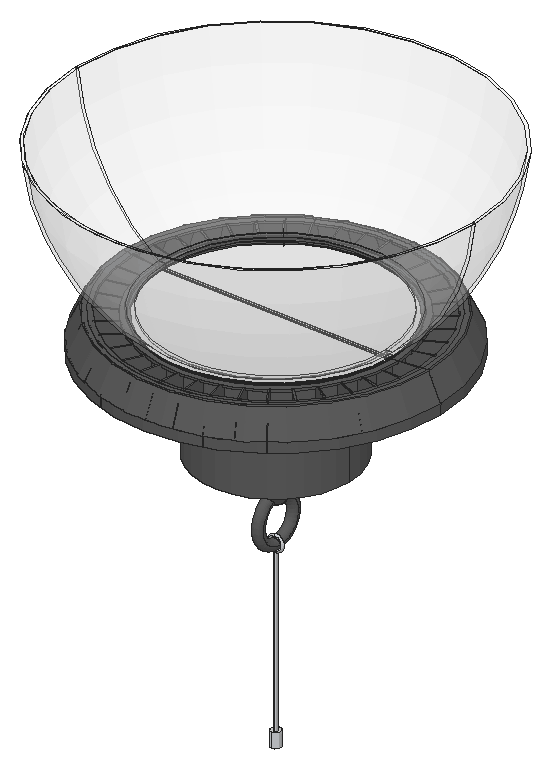
Revit family "0039364+0039361 Sylvania Lighting Fixture START HighBay IP65 DALI 26000lm 840 MB with PC LAMPSHADE TRANSPARENT FOR 26KLM pendant", category Lighting Fixtures, host Face, Revit 2017
Family settings
  Host = Face
  Round Connector Dimension = Use Diameter
  Part Type = Normal
  OmniClass Number = 23.80.70.00
  OmniClass Title = Lighting
  Cut with Voids When Loaded = No
  Light Source = Yes
  Shared = No
  Room Calculation Point = No
Parameters (values of type "0039364+0039361 START HighBay IP65 DALI 26000lm 840 MB with PC LAMPSHADE TRANSPARENT FOR 26KLM")
  WidthStraight_FEILO = if(SizeS_FEILO, 3 mm, if(SizeM_FEILO, 4 mm, 4.7 mm))  # 4.7 mm
  WidthRingChamfer_FEILO = if(SizeS_FEILO, 10.3 mm, if(SizeM_FEILO, 11.2 mm, 12.9 mm))  # 12.9 mm
  WidthCurved_FEILO = if(SizeS_FEILO, 17.4 mm, if(SizeM_FEILO, 16.4 mm, 26.2 mm))  # 26.2 mm
  WidthCurvedRing_FEILO = if(SizeS_FEILO, 3 mm, if(SizeM_FEILO, 4 mm, 4.7 mm))  # 4.7 mm
  WidthBracket_FEILO = 40 mm
  Weight = "3.7 kg"
  Wattage Comments = ""
  Wattage = 190 W
  WarrantyStartDate [instance] = "n/a"
  WarrantyGuarantorParts = "n/a"
  WarrantyDurationUnit = "n/a"
  WarrantyDurationParts = "n/a"
  WarrantyDescription = "n/a"
  built-in parameter 1150110 = 1 (stored number, unit not read)
  Voltage = 0 V
  VisibilityBracket_FEILO = no
  URL = "http://www.sylvania-lighting.com"
  TypeName = "START HighBay IP65 DALI 26000lm 840 MB with PC LAMPSHADE TRANSPARENT FOR 26KLM"
  Type Image = <None>
  Type Comments = "n/a"
  built-in parameter 1114217 = 1 (stored number, unit not read)
  Tilt Angle = -90.00°
  ThicknessWall_FEILO = 1.5 mm
  ThicknessBracket_FEILO = 1.5 mm
  ThicknessBracketHalf_FEILO = ThicknessBracket_FEILO / 2  # 0.75 mm
  built-in parameter 1150109 = 1 (stored number, unit not read)
  built-in parameter 1150134 = 12
  SuspensionHeight_FEILO [instance] = 400 mm
  built-in parameter 1150113 = 1 (stored number, unit not read)
  SizeS_FEILO = no
  SizeM_FEILO = no
  ShadeThickness_FEILO = 3 mm
  ShadeSizeSM_FEILO = or(SizeS_FEILO, SizeM_FEILO)  # no
  ShadeRadiusOut_FEILO = 205 mm
  ShadeRadiusIn_FEILO = if(ShadeSizeSM_FEILO, 95 mm, 121 mm)  # 121 mm
  ShadeRadiusBend_FEILO = if(ShadeSizeSM_FEILO, 210 mm, 210 mm)  # 210 mm
  ShadeHeight_FEILO = if(ShadeSizeSM_FEILO, 120 mm, 151 mm)  # 151 mm
  SerialNumber [instance] = "n/a"
  Rib4_FEILO = if(SizeS_FEILO, 18.1 mm, if(SizeM_FEILO, 13.6 mm, 14.6 mm))  # 14.6 mm
  Rib3_FEILO = if(SizeS_FEILO, 15.3 mm, if(SizeM_FEILO, 17.6 mm, 20.2 mm))  # 20.2 mm
  Rib2_FEILO = if(SizeS_FEILO, 3.6 mm, if(SizeM_FEILO, 3.9 mm, 4.5 mm))  # 4.5 mm
  Rib1_FEILO = if(SizeS_FEILO, 15.1 mm, if(SizeM_FEILO, 16.5 mm, 19 mm))  # 19 mm
  RadiusDiffuser_FEILO = if(SizeS_FEILO, 95.2 mm, if(SizeM_FEILO, 105.3 mm, 120 mm))  # 120 mm
  RadiusArrayPost_FEILO = DriverRadius_FEILO - 6 mm  # 70.4 mm
  RHRadius3_FEILO = if(SizeS_FEILO, 6.6 mm, if(SizeM_FEILO, 7.4 mm, 8.6 mm))  # 8.6 mm
  RHRadius2_FEILO = if(SizeS_FEILO, 11 mm, if(SizeM_FEILO, 12 mm, 14 mm))  # 14 mm
  RHRadius1_FEILO = if(SizeS_FEILO, 13.6 mm, if(SizeM_FEILO, 14.9 mm, 17.7 mm))  # 17.7 mm
  RHHeight4_FEILO = if(SizeS_FEILO, 7.3 mm, if(SizeM_FEILO, 8 mm, 9.2 mm))  # 9.2 mm
  RHHeight3_FEILO = if(SizeS_FEILO, 3.6 mm, if(SizeM_FEILO, 3.7 mm, 4.6 mm))  # 4.6 mm
  RHHeight2_FEILO = if(SizeS_FEILO, 2 mm, if(SizeM_FEILO, 2.2 mm, 2.6 mm))  # 2.6 mm
  RHHeight1_FEILO = if(SizeS_FEILO, 11.8 mm, if(SizeM_FEILO, 15.3 mm, 17.4 mm))  # 17.4 mm
  Photometric Web File = "0039364+0039361.ies"
  Material_5_FEILO = Shade-Sylvania-StartHighbay-PC
  Material_3_FEILO = LED-Sylvania-StartHighbay-Glow
  PowerFactor = 0.95
  PowerConsumption = "190 W"
  NominalLength = 339 mm
  NominalHeight = 189 mm
  NominalDepth = 339 mm
  Name = "START HighBay IP65 DALI 26000lm 840 MB with PC LAMPSHADE TRANSPARENT FOR 26KLM"
  ModelReference = Name  # "START HighBay IP65 DALI 26000lm 840 MB with PC LAMPSHADE TRANSPARENT FOR 26KLM"
  ModelNumber = "0039364+0039361"
  Model = Name  # "START HighBay IP65 DALI 26000lm 840 MB with PC LAMPSHADE TRANSPARENT FOR 26KLM"
  Material = "aluminium alloy housing, polycarbonate diffuser"
  ManufacturerName = "Feilo Sylvania"
  Manufacturer = "Feilo Sylvania"
  LuminousEfficacy = "130 lm/W"
  built-in parameter 1150105 = 33385.3 (stored number, unit not read)
  Lumens = 24700 lm
  LuminaireType = ""
  built-in parameter 1150115 = 1 (stored number, unit not read)
  LightOutputRatio = "n/a"
  built-in parameter 1150137 = (empty or 0)
  built-in parameter 1150139 = (empty or 0)
  LampsType = Lamp  # "LED"
  LampNominalLuminous = "24700 lm"
  LampMacAdamStep = "6"
  LampColourTemperature = "4000 K"
  LampColourRenderingIndex = "80"
  built-in parameter 1150112 = 1 (stored number, unit not read)
  built-in parameter 1150114 = 1 (stored number, unit not read)
  Lamp = "LED"
  Keynote = "16500"
  InstallationDate [instance] = "n/a"
  InputVoltage = "n/a"
  InputNominalFrequency = "50/60 Hz"
  built-in parameter 1150132 = (empty or 0)
  built-in parameter 1150102 = (empty or 0)
  built-in parameter 1150107 = 4000 (stored number, unit not read)
  built-in parameter 1150138 = (empty or 0)
  IngressProtection = "IP65"
  ImpactProtectionIndex = "IK08"
  built-in parameter 1150106 = 333.85 (stored number, unit not read)
  IfcExportType = "IfcLightFixtureType"
  IfcExportAs = "IfcLightFixtureType"
  HeightRing_FEILO = if(SizeS_FEILO, 19.8 mm, if(SizeM_FEILO, 32 mm, 36.8 mm))  # 36.8 mm
  HeightRingChamfer_FEILO = if(SizeS_FEILO, 11.7 mm, if(SizeM_FEILO, 23.2 mm, 26.6 mm))  # 26.6 mm
  EyeThickness_FEILO = if(SizeS_FEILO, 8.4 mm, if(SizeM_FEILO, 9.2 mm, 10.5 mm))  # 10.5 mm
  EyeThicknessHalf_FEILO = EyeThickness_FEILO / 2  # 5.25 mm
  EyeInner_FEILO = if(SizeS_FEILO, 13.8 mm, if(SizeM_FEILO, 15.1 mm, 17.3 mm))  # 17.3 mm
  ExpectedLife = 50000
  Emit from Circle Diameter = RadiusDiffuser_FEILO * 2  # 240 mm
  Emit Shape Visible in Rendering = no
  ElectricShockClassification = "Class I"
  built-in parameter 1150104 = 12.077 (stored number, unit not read)
  DurationUnit = "hours"
  DriverVerticalStraight_FEILO = if(SizeS_FEILO, 46.5 mm, if(SizeM_FEILO, 49.7 mm, 57 mm))  # 57 mm
  DriverVerticalChamfer_FEILO = if(SizeS_FEILO, 7.5 mm, if(SizeM_FEILO, 8.2 mm, 9.5 mm))  # 9.5 mm
  DriverRadius_FEILO = if(SizeS_FEILO, 61.4 mm, if(SizeM_FEILO, 67.2 mm, 76.4 mm))  # 76.4 mm
  DriverRadiusTop_FEILO = if(SizeS_FEILO, 42 mm, if(SizeM_FEILO, 45.3 mm, 52.4 mm))  # 52.4 mm
  DriverBottom_FEILO = if(SizeS_FEILO, 56 mm, if(SizeM_FEILO, 64.5 mm, 74 mm))  # 74 mm
  DocumentationLiterature = "http://www.sylvania-lighting.com/product/en-int/products/0039364"
  DimmingControlOptions = "Dimmable"
  Material_2_FEILO = Diffuser-Sylvania-StartHighbay-Transparent
  Radius_FEILO = if(SizeS_FEILO, 135 mm, if(SizeM_FEILO, 148 mm, 169.5 mm))  # 169.5 mm
  Dimming Lamp Color Temperature Shift = <None>
  DiameterWire_FEILO = 3 mm
  DiameterWireSupport_FEILO = 10 mm
  Description = "START Highbay, includes 1 m cables, black aluminium housing, 24,700 Lm, 190 W, 130 Lm/W, 4000 K, drive current: 4100 mA, CRI 80, 60° beam angle, DALI dimmable, IP65, IK08, 50,000 hrs (L80/B50), (D x H) 339 x 189 mm."
  Default Elevation = 1219.2 mm
  CreatedOn = "5/15/2018"
  CreatedBy = ""
  Cost = 0
  Color Filter = 16777215
  built-in parameter 1114216 [instance] = (empty or 0)
  ClassificationValue = "EF_70_80"
  ClassificationName = "Uniclass2015"
  Material_1_FEILO = Body-Sylvania-StartHighbay-Black
  BarCode [instance] = "n/a"
  built-in parameter 1114218 = 1 (stored number, unit not read)
  built-in parameter 1150133 = 10 (stored number, unit not read)
  AssetType = "Fixed"
  AssetIdentifier [instance] = "n/a"
  Assembly Code = "D5020200"
  Apparent Load = 190 VA
  Material_4_FEILO = Shade-Sylvania-StartHighbay-PC
Reference planes
  plane 1 "Center (Front/Back)": y = 0
  plane 2: z = 0
  plane 3 "Center (Left/Right)": x = 0
  plane 4: z = 400
  plane 5: x = -169.5
  plane 6: x = -156.6
  plane 7: z = 373.4
  plane 8: z = 363.2
  plane 9: x = -151.9
  plane 10: z = 397.375
  plane 11: x = -125.7
  plane 12: x = -120
  plane 13: x = -147.2
  plane 14: z = 398.375
  plane 15: z = 396.375
  plane 16: x = -117
  plane 17: z = 395.375
  plane 18: x = -168
  plane 19: x = -150.5
  plane 20: z = 358.7
  plane 21: x = -130.3
  plane 22: z = 344.1
  plane 23: x = -20
  plane 24: z = 326
  plane 25: x = -76.4
  plane 26: z = 269
  plane 27: x = -52.4
  plane 28: z = 259.5
  plane 29: x = -17.7
  plane 30: z = 242.1
  plane 31: z = 239.5
  plane 32: x = -14
  plane 33: z = 234.9
  plane 34: z = 225.7
  plane 35: x = -8.6
  plane 36: z = 208.4
  plane 37: z = 191.1
  plane 38: x = 5.25
  plane 39: x = -5.25
  plane 40: z = 180.6
  plane 41: z = 185.85
  plane 42: x = -162.3
  plane 43: x = -167
  plane 44: z = 361.7
  plane 45: x = -155.1
  plane 46: z = 297.5
  plane 47: y = -20
  plane 48: y = 20
  plane 49: x = 169.5
  plane 50: x = 156.6
  plane 51: x = 168
  plane 52: x = 162.3
  plane 53: x = 167
  plane 54: x = 155.1
  plane 55: z = 194.1
  plane 56: y = 1.5
  plane 57: y = -1.5
  plane 58: z = 192.6
  plane 59: z = 179.1
  plane 60: z = 177.6
  plane 61: y = -5
  plane 62: y = 5
  plane 63: z = 14
  plane 64: x = -205
  plane 65: z = 551
  plane 66: x = -121
  plane 67: x = -113
  plane 68: x = -202
  plane 69: z = 403
Forms (mm)
  Revolve 1, solid, material "Body-Sylvania-StartHighbay-Black" <- "Material_1_FEILO", detail levels medium+fine
    sketch origin (0, 0, 0) x (1, 0, 0) y (0, 0, 1)
      loop
        line (-169.5, 363.2) -> (-168, 363.2) -> (-168, 373.055) -> (-156.206, 397.375) -> (-147.2, 397.375) -> (-147.2, 399.137)
        arc (-147.2, 399.137) -> (-149.554, 399.547) -> (-151.9, 400) r 132.063
        line (-151.9, 400) -> (-156.141, 400)
        arc (-156.141, 400) -> (-156.63, 399.826) -> (-156.899, 399.383) r 0.774
        line (-156.899, 399.383) -> (-169.5, 373.4) -> (-169.5, 363.2)
      axis (0, 400) -> (0, 363.2)
    angle from 360 to 0
  Revolve 2, solid, material "Body-Sylvania-StartHighbay-Black" <- "Material_1_FEILO", detail levels medium+fine
    sketch origin (0, 0, 0) x (1, 0, 0) y (0, 0, 1)
      loop
        line (-125.7, 395.375) -> (-120, 395.375) -> (-120, 373.4) -> (0, 373.4) -> (0, 395.375) -> (-117, 395.375) -> (-117, 396.375) -> (-120, 396.375) -> (-120, 397.375) -> (-125.7, 397.375) -> (-125.7, 395.375)
      axis (0, 397.375) -> (0, 373.4)
    angle from 360 to 0
  Revolve 3, solid, material "Diffuser-Sylvania-StartHighbay-Transparent" <- "Material_2_FEILO", detail levels medium+fine
    sketch origin (0, 0, 0) x (1, 0, 0) y (0, 0, 1)
      loop
        line (-120, 396.375) -> (0, 396.375) -> (0, 398.375) -> (-120, 398.375) -> (-120, 396.375)
      axis (0, 398.375) -> (0, 396.375)
    angle from 360 to 0
  Revolve 4, solid, material "Body-Sylvania-StartHighbay-Black" <- "Material_1_FEILO"
    sketch origin (0, 0, 0) x (1, 0, 0) y (0, 0, 1)
      loop
        line (-76.4, 344.1) -> (-76.4, 269) -> (-52.4, 259.5) -> (-17.7, 259.5) -> (-17.7, 242.1) -> (-14, 239.5) -> (-14, 234.9) -> (-9.037, 226.426)
        arc (-9.037, 226.426) -> (-8.49, 225.894) -> (-7.753, 225.7) r 1.5
        line (-7.753, 225.7) -> (0, 225.7) -> (0, 344.1) -> (-76.4, 344.1)
      axis (0, 344.1) -> (0, 225.7)
    angle from 360 to 0
  Revolve 5, solid, material "Body-Sylvania-StartHighbay-Black" <- "Material_1_FEILO"
    sketch origin (0, 0, 0) x (1, 0, 0) y (0, 0, 1)
      loop
        circle (0, 185.85) r 5.25
      axis (5.25, 208.4) -> (-5.25, 208.4)
    angle from 360 to 0
  Extrusion 6, solid, material "Body-Sylvania-StartHighbay-Black" <- "Material_1_FEILO", visible <- "VisibilityBracket_FEILO"
    sketch origin (0, 0, 0) x (1, 0, 0) y (0, 0, 1)
      loop
        line (-167, 363.2) -> (-167, 361.7) -> (-157.35, 361.7)
        arc (-157.35, 361.7) -> (-156.82, 361.48) -> (-156.6, 360.95) r 0.75
        line (-156.6, 360.95) -> (-156.6, 297.5) -> (-155.1, 297.5) -> (-155.1, 361.7)
        arc (-155.1, 361.7) -> (-155.539, 362.761) -> (-156.6, 363.2) r 1.5
        line (-156.6, 363.2) -> (-167, 363.2)
      loop
        line (167, 363.2) -> (156.6, 363.2)
        arc (156.6, 363.2) -> (155.539, 362.761) -> (155.1, 361.7) r 1.5
        line (155.1, 361.7) -> (155.1, 297.5) -> (156.6, 297.5) -> (156.6, 360.95)
        arc (156.6, 360.95) -> (156.82, 361.48) -> (157.35, 361.7) r 0.75
        line (157.35, 361.7) -> (167, 361.7) -> (167, 363.2)
    from -20 to 20
  Extrusion 7, void
    sketch origin (0, 0, 0) x (0, 1, 0) y (0, 0, 1)
      loop
        arc (-10, 297.5) -> (-17.071, 300.429) -> (-20, 307.5) r 10
        line (-20, 307.5) -> (-25, 307.5) -> (-25, 292.5) -> (-10, 292.5) -> (-10, 297.5)
      loop
        line (10, 297.5) -> (10, 292.5) -> (25, 292.5) -> (25, 307.5) -> (20, 307.5)
        arc (20, 307.5) -> (17.071, 300.429) -> (10, 297.5) r 10
    from -156.6 to 156.6
  Revolve 8, solid, material "Body-Sylvania-StartHighbay-Black" <- "Material_1_FEILO", detail levels coarse
    sketch origin (0, 0, 0) x (1, 0, 0) y (0, 0, 1)
      loop
        line (0, 400) -> (-156.6, 400) -> (-169.5, 373.4) -> (-169.5, 363.2) -> (-150.5, 363.2) -> (-150.5, 358.7) -> (-130.3, 344.1) -> (0, 344.1) -> (0, 400)
      axis (0, 400) -> (0, 344.1)
    angle from 360 to 0
  Revolve 9, solid
    sketch origin (0, 0, 0) x (0, 1, 0) y (0, 0, 1)
      loop
        circle (0, 192.6) r 1.5
      axis (1.5, 185.85) -> (-1.5, 185.85)
    angle from 360 to 0
  Revolve 10, solid
    sketch origin (0, 0, 0) x (0, 1, 0) y (0, 0, 1)
      loop
        line (0, 0) -> (0, 179.1) -> (-1.5, 179.1) -> (-1.5, 14) -> (-5, 14) -> (-5, 0) -> (0, 0)
      axis (0, 0) -> (0, 179.1)
    angle from 360 to 0
  Revolve 11, solid, material "Shade-Sylvania-StartHighbay-PC" <- "Material_4_FEILO"
    sketch origin (0, 0, 0) x (1, 0, 0) y (0, 0, 1)
      loop
        line (-121, 400) -> (-113, 400) -> (-113, 403) -> (-120.341, 403)
        arc (-120.341, 403) -> (-177.055, 468.269) -> (-202.193, 551) r 207.203
        line (-202.193, 551) -> (-205, 551)
        arc (-205, 551) -> (-179.25, 466.46) -> (-121, 400) r 210
      axis (0, 551) -> (0, 400)
    angle from 360 to 0
Cuts and joins
  Extrusion 7 cuts Extrusion 6
Lines and regions (mm)
  reference lines
    curve 1: line (-169.5, 0, 373.4) -> (-156.6, 0, 400)
    curve 2: line (-125.7, 0, 397.375) -> (0, 0, 397.375)
    curve 3: arc (-125.7, 0, 397.375) -> (-138.866, 0, 398.033) -> (-151.9, 0, 400) r 132.063
    curve 4: line (-156.6, 0, 400) -> (-151.9, 0, 400)
    curve 5: line (-156.206, 0, 397.375) -> (-168, 0, 373.055)
    curve 6: line (-150.5, 0, 358.7) -> (-130.3, 0, 344.1)
    curve 7: line (-14, 0, 234.9) -> (-8.6, 0, 225.7)
    curve 8: circle (0, 0, 185.85) r 5.25 normal (0, -1, 0)
    curve 9: arc (-121, 0, 400) -> (-179.25, 0, 466.46) -> (-205, 0, 551) r 210
Dimensions and locks
  "Radius_FEILO": plane 3 "Center (Left/Right)" to plane 5
  "WidthRingChamfer_FEILO": plane 6 to plane 5
  "WidthStraight_FEILO": plane 9 to plane 6
  "WidthCurvedRing_FEILO": plane 13 to plane 9
  locked: plane 10 to plane 15 at 1
  locked: plane 14 to plane 10 at 1
  locked: plane 4 to plane 10 at 2.625
  locked: plane 15 to plane 17 at 1
  "ThicknessWall_FEILO": plane 18 to plane 5
  "ThicknessWall_FEILO": curve 5 to curve 1
  "HeightRingChamfer_FEILO": plane 4 to plane 7
  "HeightRing_FEILO": plane 4 to plane 8
  "RadiusDiffuser_FEILO": plane 3 "Center (Left/Right)" to plane 12
  locked: plane 16 to plane 12 at 3
  "WidthCurved_FEILO": plane 11 to plane 9
  "SuspensionHeight_FEILO": plane 4 to plane 2
  "Rib1_FEILO": plane 19 to plane 5
  "Rib2_FEILO": plane 8 to plane 20
  "Rib3_FEILO": plane 21 to plane 19
  "Rib4_FEILO": plane 20 to plane 22
  locked: plane 3 "Center (Left/Right)" to plane 23 at 20
  "DriverBottom_FEILO": plane 4 to plane 24
  "DriverRadius_FEILO": plane 3 "Center (Left/Right)" to plane 25
  "DriverVerticalStraight_FEILO": plane 24 to plane 26
  "DriverRadiusTop_FEILO": plane 3 "Center (Left/Right)" to plane 27
  "DriverVerticalChamfer_FEILO": plane 26 to plane 28
  "RHRadius1_FEILO": plane 3 "Center (Left/Right)" to plane 29
  "RHHeight2_FEILO": plane 30 to plane 31
  "RHRadius2_FEILO": plane 3 "Center (Left/Right)" to plane 32
  "RHHeight3_FEILO": plane 31 to plane 33
  "RHHeight4_FEILO": plane 33 to plane 34
  "RHRadius3_FEILO": plane 3 "Center (Left/Right)" to plane 35
  "RHHeight1_FEILO": plane 28 to plane 30
  "EyeInner_FEILO": plane 34 to plane 36
  "EyeInner_FEILO": plane 36 to plane 37
  equal spacing: plane 38, plane 3 "Center (Left/Right)", plane 39
  "EyeThickness_FEILO": plane 38 to plane 39
  "EyeThickness_FEILO": plane 37 to plane 40
  equal spacing: plane 37, plane 41, plane 40
  equal spacing: plane 6, plane 42, plane 18
  "ThicknessBracket_FEILO": plane 45 to plane 6
  "ThicknessBracket_FEILO": plane 8 to plane 44
  locked: plane 43 to plane 18 at 1
  equal spacing: plane 24, plane 46, plane 26
  equal spacing: plane 47, plane 1 "Center (Front/Back)", plane 48
  "WidthBracket_FEILO": plane 47 to plane 48
  "WidthRingChamfer_FEILO": plane 50 to plane 49
  "ThicknessWall_FEILO": plane 51 to plane 49
  equal spacing: plane 50, plane 52, plane 51
  "ThicknessBracket_FEILO": plane 54 to plane 50
  locked: plane 53 to plane 51 at 1
  "Radius_FEILO": plane 49 to plane 3 "Center (Left/Right)"
  equal spacing: plane 57, imposter light, plane 56
  "DiameterWire_FEILO": plane 57 to plane 56
  "DiameterWire_FEILO": plane 37 to plane 55
  equal spacing: plane 37, plane 58, plane 55
  "DiameterWire_FEILO": plane 60 to plane 40
  equal spacing: plane 60, plane 59, plane 40
  equal spacing: plane 61, plane 1 "Center (Front/Back)", plane 62
  "DiameterWireSupport_FEILO": plane 61 to plane 62
  locked: plane 63 to plane 2 at 14
  "ShadeRadiusOut_FEILO": plane 3 "Center (Left/Right)" to plane 64
  "ShadeHeight_FEILO": plane 65 to plane 4
  "ShadeRadiusIn_FEILO": plane 3 "Center (Left/Right)" to plane 66
  locked: plane 67 to plane 66 at 8
  "ShadeThickness_FEILO": plane 69 to plane 4
  "ShadeThickness_FEILO": plane 68 to plane 64
  "EyeThicknessHalf_FEILO": radius of curve 8
  "ThicknessBracket_FEILO": radius of Extrusion 6 sketch curve  (x2)
  "ThicknessBracketHalf_FEILO": radius of Extrusion 6 sketch curve  (x2)
  "DiameterWire_FEILO": diameter of Revolve 9 sketch curve
  "ShadeRadiusBend_FEILO": radius of curve 9
  aligned and locked: plane 2 to host face
  aligned and locked: level to host face
  aligned and locked: plane 5 to curve 1
  aligned and locked: plane 6 to curve 1
  aligned and locked: plane 7 to curve 1
  aligned and locked: plane 10 to curve 2
  aligned and locked: plane 9 to curve 3
  aligned and locked: plane 4 to curve 3
  aligned and locked: plane 11 to curve 3
  aligned and locked: plane 4 to curve 4
  aligned and locked: plane 18 to curve 5
  aligned and locked: plane 10 to curve 5
  aligned and locked: Revolve 1 sketch curve to plane 3 "Center (Left/Right)"
  aligned and locked: Revolve 1 sketch curve to curve 3
  aligned and locked: Revolve 1 sketch curve to curve 1
  aligned and locked: plane 4 to Revolve 1 sketch curve
  aligned and locked: plane 9 to Revolve 1 sketch curve
  aligned and locked: Revolve 1 sketch curve to plane 13
  aligned and locked: Revolve 1 sketch curve to plane 10
  aligned and locked: plane 13 to Revolve 1 sketch curve
  aligned and locked: plane 10 to Revolve 1 sketch curve
  aligned and locked: Revolve 1 sketch curve to plane 18
  aligned and locked: Revolve 1 sketch curve to plane 8
  aligned and locked: plane 5 to Revolve 1 sketch curve  (x2)
  aligned and locked: Revolve 2 sketch curve to plane 3 "Center (Left/Right)"
  aligned and locked: plane 11 to Revolve 2 sketch curve
  aligned and locked: Revolve 2 sketch curve to curve 2
  aligned and locked: plane 15 to Revolve 2 sketch curve
  aligned and locked: Revolve 2 sketch curve to plane 16
  aligned and locked: plane 17 to Revolve 2 sketch curve  (x2)
  aligned and locked: Revolve 2 sketch curve to plane 12
  aligned and locked: plane 7 to Revolve 2 sketch curve
  aligned and locked: Revolve 3 sketch curve to plane 3 "Center (Left/Right)"
  aligned and locked: Revolve 3 sketch curve to plane 14
  aligned and locked: plane 3 "Center (Left/Right)" to Revolve 3 sketch curve
  aligned and locked: Revolve 3 sketch curve to plane 12
  aligned and locked: plane 15 to Revolve 3 sketch curve
  aligned and locked: Revolve 1 sketch curve to curve 5
  aligned and locked: plane 22 to curve 6
  aligned and locked: plane 21 to curve 6
  aligned and locked: plane 20 to curve 6
  aligned and locked: plane 19 to curve 6
  aligned and locked: plane 33 to curve 7
  aligned and locked: plane 32 to curve 7
  aligned and locked: plane 35 to curve 7
  aligned and locked: plane 34 to curve 7
  aligned and locked: Revolve 4 sketch curve to plane 3 "Center (Left/Right)"
  aligned and locked: Revolve 4 sketch curve to plane 25
  aligned and locked: plane 27 to Revolve 4 sketch curve
  aligned and locked: plane 28 to Revolve 4 sketch curve
  aligned and locked: plane 30 to Revolve 4 sketch curve
  aligned and locked: Revolve 4 sketch curve to plane 29
  aligned and locked: plane 31 to Revolve 4 sketch curve
  aligned and locked: Revolve 4 sketch curve to curve 7
  aligned and locked: Revolve 4 sketch curve to plane 32
  aligned and locked: plane 34 to Revolve 4 sketch curve
  aligned and locked: plane 3 "Center (Left/Right)" to Revolve 4 sketch curve
  aligned and locked: plane 3 "Center (Left/Right)" to curve 8
  aligned and locked: plane 41 to curve 8
  aligned and locked: Revolve 5 sketch curve to plane 36
  aligned and locked: Revolve 5 sketch curve to curve 8
  aligned and locked: plane 43 to Extrusion 6 sketch curve  (x2)
  aligned and locked: plane 8 to Extrusion 6 sketch curve  (x3)
  aligned and locked: Extrusion 6 sketch curve to plane 45
  aligned and locked: Extrusion 6 sketch curve to plane 46  (x2)
  aligned and locked: plane 6 to Extrusion 6 sketch curve
  aligned and locked: Extrusion 6 sketch curve to plane 44  (x2)
  aligned and locked: Extrusion 6 to plane 48
  aligned and locked: plane 47 to Extrusion 6
  aligned and locked: plane 53 to Extrusion 6 sketch curve
  aligned and locked: plane 50 to Extrusion 6 sketch curve
  aligned and locked: Extrusion 6 sketch curve to plane 54
  aligned and locked: Extrusion 7 sketch curve to Extrusion 7 sketch curve
  aligned and locked: Extrusion 7 to plane 6
  aligned and locked: Extrusion 7 to Extrusion 6
  aligned and locked: Revolve 4 sketch curve to plane 22
  aligned and locked: plane 23 to nested 1
  aligned and locked: plane 1 "Center (Front/Back)" to nested 1
  aligned and locked: Revolve 8 sketch curve to plane 3 "Center (Left/Right)"
  aligned and locked: Revolve 8 sketch curve to plane 4
  aligned and locked: plane 6 to Revolve 8 sketch curve
  aligned and locked: plane 4 to Revolve 8 sketch curve
  aligned and locked: plane 7 to Revolve 8 sketch curve
  aligned and locked: Revolve 8 sketch curve to plane 5
  aligned and locked: plane 8 to Revolve 8 sketch curve  (x2)
  aligned and locked: Revolve 8 sketch curve to plane 19
  aligned and locked: plane 20 to Revolve 8 sketch curve
  aligned and locked: plane 19 to Revolve 8 sketch curve
  aligned and locked: plane 21 to Revolve 8 sketch curve
  aligned and locked: plane 22 to Revolve 8 sketch curve  (x2)
  aligned and locked: Revolve 8 sketch curve to Revolve 8 sketch curve
  aligned and locked: imposter light to plane 4
  aligned and locked: plane 3 "Center (Left/Right)" to imposter light
  aligned and locked: imposter light to plane 1 "Center (Front/Back)"
  aligned and locked: Revolve 9 sketch curve to plane 41
  aligned and locked: Revolve 10 sketch curve to plane 1 "Center (Front/Back)"
  aligned and locked: plane 1 "Center (Front/Back)" to Revolve 10 sketch curve  (x2)
  aligned and locked: host face to Revolve 10 sketch curve
  aligned and locked: plane 63 to Revolve 10 sketch curve
  aligned and locked: Revolve 10 sketch curve to plane 61
  aligned and locked: Revolve 10 sketch curve to plane 57
  aligned and locked: plane 59 to Revolve 10 sketch curve
  aligned and locked: plane 64 to curve 9
  aligned and locked: plane 65 to curve 9
  aligned and locked: plane 66 to curve 9
  aligned and locked: plane 4 to curve 9
  aligned and locked: Revolve 11 sketch curve to curve 9
  aligned and locked: plane 67 to Revolve 11 sketch curve
  aligned and locked: plane 66 to Revolve 11 sketch curve
  aligned and locked: plane 65 to Revolve 11 sketch curve  (x2)
  aligned and locked: Revolve 11 sketch curve to plane 67
  aligned and locked: plane 69 to Revolve 11 sketch curve
Automatic sketch dimensions
  host sketch curve to host sketch curve = 2438.4 mm  (x2)
  Revolve 1 sketch curve to plane 6 = 0.299 mm
  plane 6 to Revolve 1 sketch curve = 0.459 mm
  Revolve 1 sketch curve to level = 609.6 mm
  Revolve 1 sketch curve to Revolve 1 sketch curve = 2312.223 mm
  Revolve 2 sketch curve to plane 12 = 0 mm
  Revolve 2 sketch curve to plane 3 "Center (Left/Right)" = 0 mm
  Revolve 2 sketch curve to level = 609.6 mm
  Revolve 2 sketch curve to plane 4 = 2339.058 mm
  Revolve 3 sketch curve to level = 609.6 mm
  Revolve 3 sketch curve to plane 4 = 2339.058 mm
  Revolve 5 sketch curve to plane 5 = 1080 mm
  plane 38 to Revolve 5 sketch curve = 1219.2 mm
  Extrusion 7 sketch curve to plane 47 = 0 mm
  plane 46 to Extrusion 7 sketch curve = 0 mm  (x2)
  Extrusion 7 sketch curve to plane 48 = 0 mm
  plane 47 to Extrusion 7 sketch curve = 5 mm
  plane 1 "Center (Front/Back)" to Extrusion 7 sketch curve = 10 mm
  Extrusion 7 sketch curve to Extrusion 7 sketch curve = 10 mm
  plane 46 to Extrusion 7 sketch curve = 5 mm
  Extrusion 7 sketch curve to Extrusion 7 sketch curve = 5 mm
  Extrusion 7 sketch curve to plane 48 = 5 mm
  Revolve 4 sketch curve to plane 26 = 0 mm
  Revolve 4 sketch curve to plane 35 = 0.437 mm
  plane 35 to Revolve 4 sketch curve = 0.847 mm
  Revolve 4 sketch curve to plane 34 = 0.726 mm
  plane 40 to Revolve 4 sketch curve = 590.2 mm
  Revolve 4 sketch curve to plane 4 = 2339.058 mm
  Revolve 8 sketch curve to level = 609.6 mm
  Revolve 8 sketch curve to Revolve 8 sketch curve = 2386.058 mm
  Revolve 9 sketch curve to plane 1 "Center (Front/Back)" = 0 mm
  plane 58 to Revolve 9 sketch curve = 0 mm
  plane 47 to Revolve 9 sketch curve = 2534.941 mm
  Revolve 9 sketch curve to plane 48 = 2077.409 mm
  Revolve 10 sketch curve to Revolve 10 sketch curve = 609.6 mm
  Revolve 10 sketch curve to plane 4 = 2123.807 mm
  curve 2 to plane 3 "Center (Left/Right)" = 0 mm
  Revolve 11 sketch curve to Revolve 11 sketch curve = 0 mm  (x2)
  Revolve 11 sketch curve to plane 3 "Center (Left/Right)" = 0 mm
  plane 66 to Revolve 11 sketch curve = 0.659 mm
  Revolve 11 sketch curve to level = 609.6 mm
  Revolve 11 sketch curve to Revolve 11 sketch curve = 2068.248 mm
Nested families
  nested 1: "Start Highbay Rib" at (0, 0, 397.375), type "Type Name", detail levels medium+fine
    with SuspensionHeight_FEILO 2.6 mm
  nested 2: "Start Highbay Rib" at (0, 0, 397.375) x (0.9877, 0.1564, 0) z (0, 0, 1), type "Type Name", detail levels medium+fine
    with SuspensionHeight_FEILO 2.6 mm
  nested 3: "Start Highbay Rib" at (0, 0, 397.375) x (0.9511, 0.309, 0) z (0, 0, 1), type "Type Name", detail levels medium+fine
    with SuspensionHeight_FEILO 2.6 mm
  nested 4: "Start Highbay Rib" at (0, 0, 397.375) x (0.891, 0.454, 0) z (0, 0, 1), type "Type Name", detail levels medium+fine
    with SuspensionHeight_FEILO 2.6 mm
  nested 5: "Start Highbay Rib" at (0, 0, 397.375) x (0.809, 0.5878, 0) z (0, 0, 1), type "Type Name", detail levels medium+fine
    with SuspensionHeight_FEILO 2.6 mm
  nested 6: "Start Highbay Rib" at (0, 0, 397.375) x (0.7071, 0.7071, 0) z (0, 0, 1), type "Type Name", detail levels medium+fine
    with SuspensionHeight_FEILO 2.6 mm
  nested 7: "Start Highbay Rib" at (0, 0, 397.375) x (0.5878, 0.809, 0) z (0, 0, 1), type "Type Name", detail levels medium+fine
    with SuspensionHeight_FEILO 2.6 mm
  nested 8: "Start Highbay Rib" at (0, 0, 397.375) x (0.454, 0.891, 0) z (0, 0, 1), type "Type Name", detail levels medium+fine
    with SuspensionHeight_FEILO 2.6 mm
  nested 9: "Start Highbay Rib" at (0, 0, 397.375) x (0.309, 0.9511, 0) z (0, 0, 1), type "Type Name", detail levels medium+fine
    with SuspensionHeight_FEILO 2.6 mm
  nested 10: "Start Highbay Rib" at (0, 0, 397.375) x (0.1564, 0.9877, 0) z (0, 0, 1), type "Type Name", detail levels medium+fine
    with SuspensionHeight_FEILO 2.6 mm
  nested 11: "Start Highbay Rib" at (0, 0, 397.375) x (0, 1, 0) z (0, 0, 1), type "Type Name", detail levels medium+fine
    with SuspensionHeight_FEILO 2.6 mm
  nested 12: "Start Highbay Rib" at (0, 0, 397.375) x (-0.1564, 0.9877, 0) z (0, 0, 1), type "Type Name", detail levels medium+fine
    with SuspensionHeight_FEILO 2.6 mm
  nested 13: "Start Highbay Rib" at (0, 0, 397.375) x (-0.309, 0.9511, 0) z (0, 0, 1), type "Type Name", detail levels medium+fine
    with SuspensionHeight_FEILO 2.6 mm
  nested 14: "Start Highbay Rib" at (0, 0, 397.375) x (-0.454, 0.891, 0) z (0, 0, 1), type "Type Name", detail levels medium+fine
    with SuspensionHeight_FEILO 2.6 mm
  nested 15: "Start Highbay Rib" at (0, 0, 397.375) x (-0.5878, 0.809, 0) z (0, 0, 1), type "Type Name", detail levels medium+fine
    with SuspensionHeight_FEILO 2.6 mm
  nested 16: "Start Highbay Rib" at (0, 0, 397.375) x (-0.7071, 0.7071, 0) z (0, 0, 1), type "Type Name", detail levels medium+fine
    with SuspensionHeight_FEILO 2.6 mm
  nested 17: "Start Highbay Rib" at (0, 0, 397.375) x (-0.809, 0.5878, 0) z (0, 0, 1), type "Type Name", detail levels medium+fine
    with SuspensionHeight_FEILO 2.6 mm
  nested 18: "Start Highbay Rib" at (0, 0, 397.375) x (-0.891, 0.454, 0) z (0, 0, 1), type "Type Name", detail levels medium+fine
    with SuspensionHeight_FEILO 2.6 mm
  nested 19: "Start Highbay Rib" at (0, 0, 397.375) x (-0.9511, 0.309, 0) z (0, 0, 1), type "Type Name", detail levels medium+fine
    with SuspensionHeight_FEILO 2.6 mm
  nested 20: "Start Highbay Rib" at (0, 0, 397.375) x (-0.9877, 0.1564, 0) z (0, 0, 1), type "Type Name", detail levels medium+fine
    with SuspensionHeight_FEILO 2.6 mm
  nested 21: "Start Highbay Rib" at (0, 0, 397.375) x (-1, 0, 0) z (0, 0, 1), type "Type Name", detail levels medium+fine
    with SuspensionHeight_FEILO 2.6 mm
  nested 22: "Start Highbay Rib" at (0, 0, 397.375) x (-0.9877, -0.1564, 0) z (0, 0, 1), type "Type Name", detail levels medium+fine
    with SuspensionHeight_FEILO 2.6 mm
  nested 23: "Start Highbay Rib" at (0, 0, 397.375) x (-0.9511, -0.309, 0) z (0, 0, 1), type "Type Name", detail levels medium+fine
    with SuspensionHeight_FEILO 2.6 mm
  nested 24: "Start Highbay Rib" at (0, 0, 397.375) x (-0.891, -0.454, 0) z (0, 0, 1), type "Type Name", detail levels medium+fine
    with SuspensionHeight_FEILO 2.6 mm
  nested 25: "Start Highbay Rib" at (0, 0, 397.375) x (-0.809, -0.5878, 0) z (0, 0, 1), type "Type Name", detail levels medium+fine
    with SuspensionHeight_FEILO 2.6 mm
  nested 26: "Start Highbay Rib" at (0, 0, 397.375) x (-0.7071, -0.7071, 0) z (0, 0, 1), type "Type Name", detail levels medium+fine
    with SuspensionHeight_FEILO 2.6 mm
  nested 27: "Start Highbay Rib" at (0, 0, 397.375) x (-0.5878, -0.809, 0) z (0, 0, 1), type "Type Name", detail levels medium+fine
    with SuspensionHeight_FEILO 2.6 mm
  nested 28: "Start Highbay Rib" at (0, 0, 397.375) x (-0.454, -0.891, 0) z (0, 0, 1), type "Type Name", detail levels medium+fine
    with SuspensionHeight_FEILO 2.6 mm
  nested 29: "Start Highbay Rib" at (0, 0, 397.375) x (-0.309, -0.9511, 0) z (0, 0, 1), type "Type Name", detail levels medium+fine
    with SuspensionHeight_FEILO 2.6 mm
  nested 30: "Start Highbay Rib" at (0, 0, 397.375) x (-0.1564, -0.9877, 0) z (0, 0, 1), type "Type Name", detail levels medium+fine
    with SuspensionHeight_FEILO 2.6 mm
  nested 31: "Start Highbay Rib" at (0, 0, 397.375) x (0, -1, 0) z (0, 0, 1), type "Type Name", detail levels medium+fine
    with SuspensionHeight_FEILO 2.6 mm
  nested 32: "Start Highbay Rib" at (0, 0, 397.375) x (0.1564, -0.9877, 0) z (0, 0, 1), type "Type Name", detail levels medium+fine
    with SuspensionHeight_FEILO 2.6 mm
  nested 33: "Start Highbay Rib" at (0, 0, 397.375) x (0.309, -0.9511, 0) z (0, 0, 1), type "Type Name", detail levels medium+fine
    with SuspensionHeight_FEILO 2.6 mm
  nested 34: "Start Highbay Rib" at (0, 0, 397.375) x (0.454, -0.891, 0) z (0, 0, 1), type "Type Name", detail levels medium+fine
    with SuspensionHeight_FEILO 2.6 mm
  nested 35: "Start Highbay Rib" at (0, 0, 397.375) x (0.5878, -0.809, 0) z (0, 0, 1), type "Type Name", detail levels medium+fine
    with SuspensionHeight_FEILO 2.6 mm
  nested 36: "Start Highbay Rib" at (0, 0, 397.375) x (0.7071, -0.7071, 0) z (0, 0, 1), type "Type Name", detail levels medium+fine
    with SuspensionHeight_FEILO 2.6 mm
  nested 37: "Start Highbay Rib" at (0, 0, 397.375) x (0.809, -0.5878, 0) z (0, 0, 1), type "Type Name", detail levels medium+fine
    with SuspensionHeight_FEILO 2.6 mm
  nested 38: "Start Highbay Rib" at (0, 0, 397.375) x (0.891, -0.454, 0) z (0, 0, 1), type "Type Name", detail levels medium+fine
    with SuspensionHeight_FEILO 2.6 mm
  nested 39: "Start Highbay Rib" at (0, 0, 397.375) x (0.9511, -0.309, 0) z (0, 0, 1), type "Type Name", detail levels medium+fine
    with SuspensionHeight_FEILO 2.6 mm
  nested 40: "Start Highbay Rib" at (0, 0, 397.375) x (0.9877, -0.1564, 0) z (0, 0, 1), type "Type Name", detail levels medium+fine
    with SuspensionHeight_FEILO 2.6 mm
Connectors
  electrical at (0, 0, 0), driven by "Apparent Load", driven by "PowerFactor", driven by "Voltage"
    settings: index 1, voltage 0 V, apparent load 190 VA, apparent load phase1 0 VA, apparent load phase2 0 VA, apparent load phase3 0 VA, power factor 0.95, load classification "Lighting", number of poles 1, system type 30, power factor state 1, is connector primary yes, connector utility no, sub classification motor no, connector description ""
Definition of nested family "Start Highbay Rib"
  Parameters (values of type "Type Name")
    WidthStraight_FEILO = if(SizeS_FEILO, 3 mm, if(SizeM_FEILO, 4 mm, 4.7 mm))  # 3 mm
    WidthRingChamfer_FEILO = if(SizeS_FEILO, 10.3 mm, if(SizeM_FEILO, 11.2 mm, 12.9 mm))  # 10.3 mm
    WidthCurved_FEILO = if(SizeS_FEILO, 17.4 mm, if(SizeM_FEILO, 16.4 mm, 26.2 mm))  # 17.4 mm
    WidthCurvedRing_FEILO = if(SizeS_FEILO, 3 mm, if(SizeM_FEILO, 4 mm, 4.7 mm))  # 3 mm
    WidthBracket_FEILO = 40 mm
    URL = "http://www.feilosylvania.com"
    Type Image = (empty or 0)
    Type Comments = "n/a"
    ThicknessWall_FEILO = 1.5 mm
    ThicknessBracket_FEILO = 1.5 mm
    ThicknessBracketHalf_FEILO = ThicknessBracket_FEILO / 2  # 0.75 mm
    SuspensionHeight_FEILO [instance] = 2.6 mm
    SizeS_FEILO = yes
    SizeM_FEILO = no
    Rib4_FEILO = if(SizeS_FEILO, 18.1 mm, if(SizeM_FEILO, 13.6 mm, 14.6 mm))  # 18.1 mm
    Rib3_FEILO = if(SizeS_FEILO, 15.3 mm, if(SizeM_FEILO, 17.6 mm, 20.2 mm))  # 15.3 mm
    Rib2_FEILO = if(SizeS_FEILO, 3.6 mm, if(SizeM_FEILO, 3.9 mm, 4.5 mm))  # 3.6 mm
    Rib1_FEILO = if(SizeS_FEILO, 15.1 mm, if(SizeM_FEILO, 16.5 mm, 19 mm))  # 15.1 mm
    RadiusRib_FEILO = 2 mm
    RadiusDiffuser_FEILO = if(SizeS_FEILO, 95.2 mm, if(SizeM_FEILO, 105.3 mm, 120 mm))  # 95.2 mm
    RHRadius3_FEILO = if(SizeS_FEILO, 6.6 mm, if(SizeM_FEILO, 7.4 mm, 8.6 mm))  # 6.6 mm
    RHRadius2_FEILO = if(SizeS_FEILO, 11 mm, if(SizeM_FEILO, 12 mm, 14 mm))  # 11 mm
    RHRadius1_FEILO = if(SizeS_FEILO, 13.6 mm, if(SizeM_FEILO, 14.9 mm, 17.7 mm))  # 13.6 mm
    RHHeight4_FEILO = if(SizeS_FEILO, 7.3 mm, if(SizeM_FEILO, 8 mm, 9.2 mm))  # 7.3 mm
    RHHeight3_FEILO = if(SizeS_FEILO, 3.6 mm, if(SizeM_FEILO, 3.7 mm, 4.6 mm))  # 3.6 mm
    RHHeight2_FEILO = if(SizeS_FEILO, 2 mm, if(SizeM_FEILO, 2.2 mm, 2.6 mm))  # 2 mm
    RHHeight1_FEILO = if(SizeS_FEILO, 11.8 mm, if(SizeM_FEILO, 15.3 mm, 17.4 mm))  # 11.8 mm
    Material_3_FEILO = none
    Model = ""
    Manufacturer = "Feilo Sylvania"
    Keynote = "16500"
    HeightRing_FEILO = if(SizeS_FEILO, 19.8 mm, if(SizeM_FEILO, 32 mm, 36.8 mm))  # 19.8 mm
    HeightRingChamfer_FEILO = if(SizeS_FEILO, 11.7 mm, if(SizeM_FEILO, 23.2 mm, 26.6 mm))  # 11.7 mm
    EyeThickness_FEILO = if(SizeS_FEILO, 8.4 mm, if(SizeM_FEILO, 9.2 mm, 10.5 mm))  # 8.4 mm
    EyeThicknessHalf_FEILO = EyeThickness_FEILO / 2  # 4.2 mm
    EyeInner_FEILO = if(SizeS_FEILO, 13.8 mm, if(SizeM_FEILO, 15.1 mm, 17.3 mm))  # 13.8 mm
    DriverVerticalStraight_FEILO = if(SizeS_FEILO, 46.5 mm, if(SizeM_FEILO, 49.7 mm, 57 mm))  # 46.5 mm
    DriverVerticalChamfer_FEILO = if(SizeS_FEILO, 7.5 mm, if(SizeM_FEILO, 8.2 mm, 9.5 mm))  # 7.5 mm
    DriverRadius_FEILO = if(SizeS_FEILO, 61.4 mm, if(SizeM_FEILO, 67.2 mm, 76.4 mm))  # 61.4 mm
    DriverRadiusTop_FEILO = if(SizeS_FEILO, 42 mm, if(SizeM_FEILO, 45.3 mm, 52.4 mm))  # 42 mm
    DriverBottom_FEILO = if(SizeS_FEILO, 56 mm, if(SizeM_FEILO, 64.5 mm, 74 mm))  # 56 mm
    Material_2_FEILO = none
    Radius_FEILO = if(SizeS_FEILO, 135 mm, if(SizeM_FEILO, 148 mm, 169.5 mm))  # 135 mm
    Description = ""
    Default Elevation = 1219.2 mm
    Cost = 0
    Material_1_FEILO = none
    Assembly Code = "D5020200"
    Material_4_FEILO = none
  Reference planes
    plane 1 "Center (Front/Back)": y = 0
    plane 2: z = 0
    plane 3 "Center (Left/Right)": x = 0
    plane 4: z = 2.6
    plane 5: x = -135
    plane 6: x = -124.7
    plane 7: z = -9.1
    plane 8: z = -17.2
    plane 9: x = -121.7
    plane 10: z = -0.025
    plane 11: x = -104.3
    plane 12: x = -95.2
    plane 13: x = -118.7
    plane 14: z = 0.975
    plane 15: z = -1.025
    plane 16: x = -92.2
    plane 17: z = -2.025
    plane 18: x = -133.5
    plane 19: x = -119.9
    plane 20: z = -20.8
    plane 21: x = -104.6
    plane 22: z = -38.9
    plane 23: x = -20
    plane 24: z = -53.4
    plane 25: x = -61.4
    plane 26: z = -99.9
    plane 27: x = -42
    plane 28: z = -107.4
    plane 29: x = -13.6
    plane 30: z = -119.2
    plane 31: z = -121.2
    plane 32: x = -11
    plane 33: z = -124.8
    plane 34: z = -132.1
    plane 35: x = -6.6
    plane 36: z = -145.9
    plane 37: z = -159.7
    plane 38: x = 4.2
    plane 39: x = -4.2
    plane 40: z = -168.1
    plane 41: z = -163.9
    plane 42: x = -129.1
    plane 43: x = -132.5
    plane 44: z = -18.7
    plane 45: x = -123.2
    plane 46: z = -76.65
    plane 47: y = -20
    plane 48: y = 20
    plane 49: x = 135
    plane 50: x = 124.7
    plane 51: x = 133.5
    plane 52: x = 129.1
    plane 53: x = 132.5
    plane 54: x = 123.2
    plane 55: y = 0.75
    plane 56: y = -0.75
  Forms (mm)
    Extrusion 1, solid
      sketch origin (4.2, 0, 0) x (1, 0, 0) y (0, 1, 0)
        loop
          line (-1219.2, 1219.2) -> (-1219.2, -1219.2) -> (1219.2, -1219.2) -> (1219.2, 1219.2) -> (-1219.2, 1219.2)
      from 0 to -68.017
    Extrusion 2, solid, material <- "Material_1_FEILO"
      sketch origin (0, 0, 0) x (1, 0, 0) y (0, 0, 1)
        loop
          arc (-104.3, -0.025) -> (-111.555, 0.423) -> (-118.7, 1.76) r 58.981
          line (-118.7, 1.76) -> (-118.7, -0.025) -> (-125.012, -0.025) -> (-133.5, -9.666) -> (-133.5, -17.2) -> (-119.9, -17.2) -> (-119.9, -20.068)
          arc (-119.9, -20.068) -> (-119.778, -20.755) -> (-119.427, -21.359) r 2
          line (-119.427, -21.359) -> (-104.966, -38.467)
          arc (-104.966, -38.467) -> (-104.381, -38.789) -> (-103.723, -38.9) r 2
          line (-103.723, -38.9) -> (-20, -38.9) -> (-20, -9.1) -> (-95.2, -9.1) -> (-95.2, -2.025) -> (-104.3, -2.025) -> (-104.3, -0.025)
      from -0.75 to 0.75
  Lines and regions (mm)
    reference lines
      curve 1: line (-135, 0, -9.1) -> (-124.7, 0, 2.6)
      curve 2: line (-104.3, 0, -0.025) -> (0, 0, -0.025)
      curve 3: arc (-104.3, 0, -0.025) -> (-113.098, 0, 0.635) -> (-121.7, 0, 2.6) r 58.981
      curve 4: line (-124.7, 0, 2.6) -> (-121.7, 0, 2.6)
      curve 5: line (-125.012, 0, -0.025) -> (-133.5, 0, -9.666)
      curve 6: line (-119.9, 0, -20.8) -> (-104.6, 0, -38.9)
  Dimensions and locks
    "Radius_FEILO": plane 3 "Center (Left/Right)" to plane 5
    "WidthRingChamfer_FEILO": plane 6 to plane 5
    "WidthStraight_FEILO": plane 9 to plane 6
    "WidthCurvedRing_FEILO": plane 13 to plane 9
    locked: plane 10 to plane 15 at 1
    locked: plane 14 to plane 10 at 1
    locked: plane 4 to plane 10 at 2.625
    locked: plane 15 to plane 17 at 1
    "ThicknessWall_FEILO": plane 18 to plane 5
    "ThicknessWall_FEILO": curve 5 to curve 1
    "HeightRingChamfer_FEILO": plane 4 to plane 7
    "HeightRing_FEILO": plane 4 to plane 8
    "RadiusDiffuser_FEILO": plane 3 "Center (Left/Right)" to plane 12
    locked: plane 16 to plane 12 at 3
    "WidthCurved_FEILO": plane 11 to plane 9
    "SuspensionHeight_FEILO": plane 4 to plane 2
    "Rib1_FEILO": plane 19 to plane 5
    "Rib2_FEILO": plane 8 to plane 20
    "Rib3_FEILO": plane 21 to plane 19
    "Rib4_FEILO": plane 20 to plane 22
    locked: plane 3 "Center (Left/Right)" to plane 23 at 20
    "DriverBottom_FEILO": plane 4 to plane 24
    "DriverRadius_FEILO": plane 3 "Center (Left/Right)" to plane 25
    "DriverVerticalStraight_FEILO": plane 24 to plane 26
    "DriverRadiusTop_FEILO": plane 3 "Center (Left/Right)" to plane 27
    "DriverVerticalChamfer_FEILO": plane 26 to plane 28
    "RHRadius1_FEILO": plane 3 "Center (Left/Right)" to plane 29
    "RHHeight2_FEILO": plane 30 to plane 31
    "RHRadius2_FEILO": plane 3 "Center (Left/Right)" to plane 32
    "RHHeight3_FEILO": plane 31 to plane 33
    "RHHeight4_FEILO": plane 33 to plane 34
    "RHRadius3_FEILO": plane 3 "Center (Left/Right)" to plane 35
    "RHHeight1_FEILO": plane 28 to plane 30
    "EyeInner_FEILO": plane 34 to plane 36
    "EyeInner_FEILO": plane 36 to plane 37
    equal spacing: plane 38, plane 3 "Center (Left/Right)", plane 39
    "EyeThickness_FEILO": plane 38 to plane 39
    "EyeThickness_FEILO": plane 37 to plane 40
    equal spacing: plane 37, plane 41, plane 40
    equal spacing: plane 6, plane 42, plane 18
    "ThicknessBracket_FEILO": plane 45 to plane 6
    "ThicknessBracket_FEILO": plane 8 to plane 44
    locked: plane 43 to plane 18 at 1
    equal spacing: plane 24, plane 46, plane 26
    equal spacing: plane 47, plane 1 "Center (Front/Back)", plane 48
    "WidthBracket_FEILO": plane 47 to plane 48
    "WidthRingChamfer_FEILO": plane 50 to plane 49
    "ThicknessWall_FEILO": plane 51 to plane 49
    equal spacing: plane 50, plane 52, plane 51
    "ThicknessBracket_FEILO": plane 54 to plane 50
    locked: plane 53 to plane 51 at 1
    "Radius_FEILO": plane 49 to plane 3 "Center (Left/Right)"
    equal spacing: plane 56, plane 1 "Center (Front/Back)", plane 55
    "ThicknessWall_FEILO": plane 56 to plane 55
    "RadiusRib_FEILO": radius of Extrusion 2 sketch curve  (x2)
    aligned and locked: plane 2 to Extrusion 1
    aligned and locked: level to Extrusion 1
    aligned and locked: plane 5 to curve 1
    aligned and locked: plane 6 to curve 1
    aligned and locked: plane 7 to curve 1
    aligned and locked: plane 10 to curve 2
    aligned and locked: plane 9 to curve 3
    aligned and locked: plane 4 to curve 3
    aligned and locked: plane 11 to curve 3
    aligned and locked: plane 4 to curve 4
    aligned and locked: plane 18 to curve 5
    aligned and locked: plane 10 to curve 5
    aligned and locked: plane 22 to curve 6
    aligned and locked: plane 21 to curve 6
    aligned and locked: plane 20 to curve 6
    aligned and locked: plane 19 to curve 6
    aligned and locked: Extrusion 2 sketch curve to plane 23
    aligned and locked: Extrusion 2 sketch curve to plane 22
    aligned and locked: Extrusion 2 sketch curve to curve 6
    aligned and locked: plane 19 to Extrusion 2 sketch curve
    aligned and locked: Extrusion 2 sketch curve to plane 8
    aligned and locked: Extrusion 2 sketch curve to curve 5
    aligned and locked: Extrusion 2 sketch curve to curve 3
    aligned and locked: Extrusion 2 to plane 55
    aligned and locked: plane 56 to Extrusion 2
    aligned and locked: curve 6 to Extrusion 2 sketch curve
  Automatic sketch dimensions
    Extrusion 1 sketch curve to Extrusion 1 sketch curve = 2438.4 mm  (x2)
    curve 2 to plane 3 "Center (Left/Right)" = 0 mm
    Extrusion 2 sketch curve to plane 18 = 0 mm
    Extrusion 2 sketch curve to plane 10 = 0 mm
    Extrusion 2 sketch curve to plane 13 = 0 mm
    Extrusion 2 sketch curve to plane 7 = 0 mm
    Extrusion 2 sketch curve to plane 12 = 0 mm
    Extrusion 2 sketch curve to plane 17 = 0 mm
    plane 19 to Extrusion 2 sketch curve = 0.473 mm
    Extrusion 2 sketch curve to plane 21 = 0.366 mm
